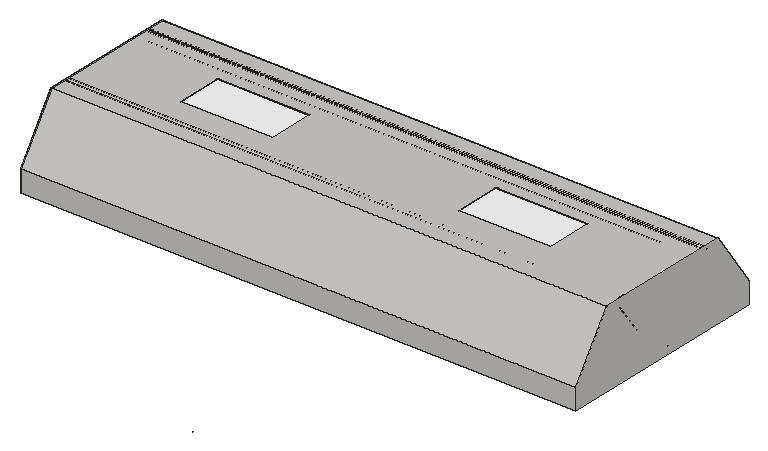
Revit family "QF_ELECTROLUXPROFESSIONAL_642351_BC1436DT", category Specialty Equipment, Revit 2014
Reference planes
  plane 1: z = 0
  plane 2 "Center (Left/Right)": x = 150
  plane 3 "LEFT": x = -1650
  plane 4 "RIGHT": x = 1950
  plane 5 "BACK": y = 550
  plane 6 "TOP": z = 2500
  plane 7 "Base": z = 2000
  plane 8: z = 1946
  plane 9: x = -1647
  plane 10 "DrainX": x = 1799
  plane 11 "AOLeft2": x = -450
  plane 12 "AORight1": x = 750
  plane 13: x = 1947
  plane 14: x = -1450
  plane 15: x = 1750
  plane 16: x = 50
  plane 17: x = 250
  plane 18 "AOLeft1": x = -1050
  plane 19 "AORight2": x = 1350
  plane 20: y = 0
  plane 21: y = -300
  plane 22 "Center (Front/Back)": y = -150
  plane 23: y = -850
  plane 24: through (0, -201.379, 2046.209) normal (0, 0.8019, 0.5974)
  plane 25: through (0, -98.621, 2046.209) normal (0, 0.8019, -0.5974)
  plane 26: z = 2140
Forms (mm)
  Extrusion 1, solid, material "QF_Finishes_Stainless Steel"
    sketch origin (-1650, 0, 360) x (0, 1, 0) y (0, 0, 1)
      loop
        line (550, 1640) -> (550, 1780) -> (299.446, 2140) -> (-599.446, 2140) -> (-850, 1780) -> (-850, 1640) -> (550, 1640)
    from 0 to 3
  Extrusion 2, solid, material "QF_Finishes_Stainless Steel"
    sketch origin (1950, 0, 360) x (0, 1, 0) y (0, 0, 1)
      loop
        line (550, 1640) -> (550, 1780) -> (299.446, 2140) -> (-599.446, 2140) -> (-850, 1780) -> (-850, 1640) -> (550, 1640)
    from 0 to -3
  Extrusion 3, solid, material "QF_Finishes_Stainless Steel"
    sketch origin (150, 0, 360) x (0, 1, 0) y (0, 0, 1)
      loop
        line (-599.446, 2140) -> (-850, 1780) -> (-850, 1640) -> (-840, 1640) -> (-840, 1640.8) -> (-849.2, 1640.8) -> (-849.2, 1779.739) -> (-599.025, 2139.19) -> (299.025, 2139.19) -> (549.2, 1779.739) -> (549.2, 1640.8) -> (540, 1640.8) -> (540, 1640) -> (550, 1640) -> (550, 1780) -> (299.446, 2140) -> (-599.446, 2140)
    from -1800 to 1800
  Extrusion 4, void
    sketch origin (0, 0, 2500) x (0, 1, 0) y (-1, 0, 0)
      loop
        line (0, 450) -> (0, 1050) -> (-300, 1050) -> (-300, 450) -> (0, 450)
    from 0 to -10
  Extrusion 5, solid, material "QF_Finishes_Stainless Steel"
    sketch origin (0, 0, 0) x (1, 0, 0) y (0, 1, 0)
      loop
        line (-1650, 550) -> (-1650, 549) -> (-1649, 549) -> (-1649, 550) -> (-1650, 550)
    from 0 to 1
  Extrusion 6, solid, material "QF_Finishes_Stainless Steel"
    sketch origin (150, -400, 360) x (0, 1, 0) y (0, 0, 1)
      loop
        line (-98.883, 2085.553) -> (198.621, 1686.209) -> (214.66, 1698.157) -> (-82.844, 2097.501) -> (-98.883, 2085.553)
      loop
        line (598.883, 2085.553) -> (582.844, 2097.501) -> (285.34, 1698.157) -> (301.379, 1686.209) -> (598.883, 2085.553)
    from -1600 to -1797
  Extrusion 7, solid, material "QF_Finishes_Stainless Steel"
    sketch origin (150, -400, 360) x (0, 1, 0) y (0, 0, 1)
      loop
        arc (316.056, 1704.554) -> (315.455, 1704.706) -> (314.923, 1704.389) r 0.81
        line (314.923, 1704.389) -> (300.465, 1684.991) -> (283.389, 1687.002) -> (286.391, 1712.615) -> (285.593, 1712.708) -> (282.594, 1687.095)
        arc (282.594, 1687.095) -> (282.763, 1686.499) -> (283.305, 1686.197) r 0.81
        line (283.305, 1686.197) -> (300.372, 1684.196)
        arc (300.372, 1684.196) -> (300.787, 1684.257) -> (301.116, 1684.517) r 0.81
        line (301.116, 1684.517) -> (315.564, 1703.911) -> (326.308, 1695.919) -> (300.145, 1660.79) -> (199.855, 1660.79) -> (173.692, 1695.919) -> (184.436, 1703.911) -> (198.884, 1684.517)
        arc (198.884, 1684.517) -> (199.213, 1684.257) -> (199.628, 1684.196) r 0.81
        line (199.628, 1684.196) -> (216.695, 1686.197)
        arc (216.695, 1686.197) -> (217.237, 1686.499) -> (217.406, 1687.095) r 0.81
        line (217.406, 1687.095) -> (214.407, 1712.708) -> (213.609, 1712.615) -> (216.611, 1687.002) -> (199.535, 1684.991) -> (185.077, 1704.389)
        arc (185.077, 1704.389) -> (184.545, 1704.706) -> (183.944, 1704.554) r 0.81
        line (183.944, 1704.554) -> (173.214, 1696.561)
        arc (173.214, 1696.561) -> (172.897, 1696.028) -> (173.049, 1695.427) r 0.81
        line (173.049, 1695.427) -> (199.157, 1660.381)
        arc (199.157, 1660.381) -> (199.5, 1660.093) -> (199.937, 1659.99) r 0.972
        line (199.937, 1659.99) -> (300.049, 1659.99)
        arc (300.049, 1659.99) -> (300.498, 1660.096) -> (300.851, 1660.393) r 1
        line (300.851, 1660.393) -> (326.951, 1695.427)
        arc (326.951, 1695.427) -> (327.103, 1696.028) -> (326.786, 1696.561) r 0.81
        line (326.786, 1696.561) -> (316.056, 1704.554)
      loop
        line (-92.735, 2139.19) -> (-92.735, 2129.205) -> (-117.587, 2110.686)
        arc (-117.587, 2110.686) -> (-117.904, 2110.153) -> (-117.752, 2109.552) r 0.81
        line (-117.752, 2109.552) -> (-84.894, 2065.446) -> (-95.625, 2057.438) -> (-95.147, 2056.796) -> (-84.418, 2064.79)
        arc (-84.418, 2064.79) -> (-84.1, 2065.322) -> (-84.252, 2065.923) r 0.81
        line (-84.252, 2065.923) -> (-117.117, 2110.038) -> (-91.935, 2128.798) -> (-91.935, 2138.4) -> (-62.776, 2138.4) -> (-62.776, 2070.563) -> (-61.976, 2069.49) -> (-61.976, 2139.19) -> (-92.735, 2139.19)
      loop
        line (592.735, 2139.19) -> (561.976, 2139.19) -> (561.976, 2069.49) -> (562.776, 2070.563) -> (562.776, 2138.4) -> (591.935, 2138.4) -> (591.935, 2128.798) -> (617.117, 2110.038) -> (584.252, 2065.923)
        arc (584.252, 2065.923) -> (584.1, 2065.322) -> (584.418, 2064.79) r 0.81
        line (584.418, 2064.79) -> (595.147, 2056.796) -> (595.625, 2057.438) -> (584.894, 2065.446) -> (617.752, 2109.552)
        arc (617.752, 2109.552) -> (617.904, 2110.153) -> (617.587, 2110.686) r 0.81
        line (617.587, 2110.686) -> (592.735, 2129.205) -> (592.735, 2139.19)
    from -1797 to 1797
  Extrusion 8, solid, material "QF_Finishes_Stainless Steel"
    sketch origin (150, -400, 360) x (0, 1, 0) y (0, 0, 1)
      loop
        line (-98.883, 2085.553) -> (198.621, 1686.209) -> (214.66, 1698.157) -> (-82.844, 2097.501) -> (-98.883, 2085.553)
      loop
        line (598.883, 2085.553) -> (582.844, 2097.501) -> (285.34, 1698.157) -> (301.379, 1686.209) -> (598.883, 2085.553)
    from 1797 to 1600
  Extrusion 9, solid, material "QF_Finishes_Stainless Steel"
    sketch origin (150, -400, 360) x (0, 1, 0) y (0, 0, 1)
      loop
        line (-98.883, 2085.553) -> (198.621, 1686.209) -> (214.66, 1698.157) -> (-82.844, 2097.501) -> (-98.883, 2085.553)
      loop
        line (598.883, 2085.553) -> (582.844, 2097.501) -> (285.34, 1698.157) -> (301.379, 1686.209) -> (598.883, 2085.553)
    from -100 to 100
  Extrusion 10, solid, material "QF_Finished_Chrome"
    sketch origin (150, -400, 360) x (0, 1, 0) y (0, 0, 1)
      loop
        line (-98.883, 2085.553) -> (198.621, 1686.209) -> (214.66, 1698.157) -> (-82.844, 2097.501) -> (-98.883, 2085.553)
      loop
        line (598.883, 2085.553) -> (582.844, 2097.501) -> (285.34, 1698.157) -> (301.379, 1686.209) -> (598.883, 2085.553)
    from -1600 to -100
  Extrusion 11, solid, material "QF_Finished_Chrome"
    sketch origin (150, -400, 360) x (0, 1, 0) y (0, 0, 1)
      loop
        line (-98.883, 2085.553) -> (198.621, 1686.209) -> (214.66, 1698.157) -> (-82.844, 2097.501) -> (-98.883, 2085.553)
      loop
        line (598.883, 2085.553) -> (582.844, 2097.501) -> (285.34, 1698.157) -> (301.379, 1686.209) -> (598.883, 2085.553)
    from 100 to 1600
  Sweep 12, solid, material "QF_Finishes_Stainless Steel"
    path origin (0, 0, 0) x (1, 0, 0) y (0, 1, 0)
      loop
        line (1950, 550) -> (-1650, 550) -> (-1650, -850) -> (1950, -850) -> (1950, 550)
    profile origin (1950, -150, 0) x (1, 0, 0) y (0, 0, 1)
      loop
        line (-3, 2000) -> (-3, 2000.8) -> (-19, 2000.8) -> (-19, 2010) -> (-20, 2010) -> (-20, 2000) -> (-3, 2000)
  Extrusion 13, void
    sketch origin (0, 0, 2500) x (0, 1, 0) y (-1, 0, 0)
      loop
        line (0, -1350) -> (0, -750) -> (-300, -750) -> (-300, -1350) -> (0, -1350)
    from 0 to -10
  Extrusion 14, solid, material "QF_Finishes_Stainless Steel"
    sketch origin (1799, 0, 0) x (0, 1, 0) y (0, 0, 1)
      loop
        arc (-118.5, 1946) -> (-111.429, 1948.929) -> (-108.5, 1956) r 10
        line (-108.5, 1956) -> (-108.5, 2000.8) -> (-191.5, 2000.8) -> (-191.5, 1956)
        arc (-191.5, 1956) -> (-188.571, 1948.929) -> (-181.5, 1946) r 10
        line (-181.5, 1946) -> (-118.5, 1946)
    from -90 to 90
  Extrusion 15, solid, material "QF_Finishes_Stainless Steel"
    sketch origin (0, -1100, 2000) x (0, 1, 0) y (-1, 0, 0)
      loop
        circle (950, -1799) r 6.35
    from -3.799 to 0
Cuts and joins
  Extrusion 4, Extrusion 13 cuts Extrusion 3
  joined: Extrusion 2, Extrusion 3, Sweep 12
Lines and regions (mm)
  symbolic lines, style "SpecialityEquipment", detail levels coarse
    curve 1: line (1950, 550, 2500) -> (-1650, 550, 2500)
    curve 2: line (-1650, 550, 2500) -> (-1650, -850, 2500)
    curve 3: line (1950, -850, 2500) -> (1950, 550, 2500)
    curve 4: line (-1650, 299.446, 0) -> (1950, -599.446, 0)
    curve 5: line (1950, 299.446, 0) -> (-1650.605, -599.446, 0)
  symbolic lines, detail levels coarse
    curve 6: line (-1050, -300, 0) -> (-450, -300, 0)
    curve 7: line (-1050, 0, 0) -> (-1050, -300, 0)
    curve 8: line (-450, 0, 0) -> (-1050, 0, 0)
    curve 9: line (-450, -300, 0) -> (-450, 0, 0)
    curve 10: line (750, 0, 0) -> (750, -300, 0)
    curve 11: line (1350, 0, 0) -> (750, 0, 0)
    curve 12: line (1350, -300, 0) -> (1350, 0, 0)
    curve 13: line (750, -300, 0) -> (1350, -300, 0)
    curve 14: line (-1650.605, -599.446, 0) -> (1950, -599.446, 0)
    curve 15: line (1950, 299.446, 0) -> (-1650, 299.446, 0)
    curve 16: line (-1650, -850, 0) -> (1950, -850, 0)
Dimensions and locks
  plane 3 "LEFT" to plane 4 "RIGHT" = 3600 mm
  equal spacing: plane 3 "LEFT", plane 2 "Center (Left/Right)", plane 4 "RIGHT"
  plane 3 "LEFT" to plane 9 = 3 mm
  plane 10 "DrainX" to plane 4 "RIGHT" = 151 mm
  plane 13 to plane 4 "RIGHT" = 3 mm
  plane 3 "LEFT" to plane 14 = 200 mm
  plane 15 to plane 4 "RIGHT" = 200 mm
  locked: plane 11 "AOLeft2" to plane 12 "AORight1" at 1200
  equal spacing: plane 11 "AOLeft2", plane 2 "Center (Left/Right)", plane 12 "AORight1"
  locked: plane 7 "Base" to level at 2000
  locked: plane 16 to plane 17 at 200
  equal spacing: plane 16, plane 2 "Center (Left/Right)", plane 17
  plane 18 "AOLeft1" to plane 11 "AOLeft2" = 600 mm
  plane 12 "AORight1" to plane 19 "AORight2" = 600 mm
  plane 7 "Base" to plane 8 = 54 mm
  locked: plane 6 "TOP" to plane 7 "Base" at 500
  plane 5 "BACK" to plane 23 = 1400 mm  (x2)
  equal spacing: plane 5 "BACK", plane 22 "Center (Front/Back)", plane 23
  plane 21 to plane 20 = 300 mm
  equal spacing: plane 21, plane 22 "Center (Front/Back)", plane 20
  plane 26 to plane 7 "Base" = 140 mm
  aligned and locked: level to plane 1
  aligned and locked: plane 4 "RIGHT" to Extrusion 3
  aligned and locked: Extrusion 3 to plane 3 "LEFT"
  aligned and locked: Extrusion 6 to plane 9
  aligned and locked: plane 14 to Extrusion 6
  aligned and locked: Extrusion 2 to plane 13
  aligned and locked: plane 13 to Extrusion 8
  aligned and locked: Extrusion 8 to plane 15
  aligned and locked: plane 17 to Extrusion 9
  aligned and locked: Extrusion 9 to plane 16
  aligned and locked: plane 16 to Extrusion 10
  aligned and locked: Extrusion 10 to plane 14
  aligned and locked: Extrusion 11 to plane 17
  aligned and locked: Extrusion 11 to plane 15
  aligned and locked: Extrusion 7 to plane 9
  aligned and locked: plane 13 to Extrusion 7
  aligned and locked: Extrusion 4 to plane 18 "AOLeft1"
  aligned and locked: Extrusion 4 to plane 11 "AOLeft2"
  aligned and locked: plane 12 "AORight1" to Extrusion 13
  aligned and locked: plane 19 "AORight2" to Extrusion 13
  aligned and locked: plane 21 to Extrusion 13
  aligned and locked: plane 21 to Extrusion 4
  aligned and locked: plane 20 to Extrusion 13
  aligned and locked: plane 20 to Extrusion 4
  aligned and locked: curve 6 to Extrusion 4
  aligned and locked: curve 7 to Extrusion 4
  aligned and locked: curve 8 to Extrusion 4
  aligned and locked: curve 9 to Extrusion 4
  aligned and locked: curve 10 to Extrusion 13
  aligned and locked: curve 11 to Extrusion 13
  aligned and locked: curve 12 to Extrusion 13
  aligned and locked: curve 13 to Extrusion 13
Automatic sketch dimensions
  Extrusion 4 sketch curve to plane 11 "AOLeft2" = 0 mm
  Extrusion 4 sketch curve to plane 18 "AOLeft1" = 0 mm
  Extrusion 5 sketch curve to plane 3 "LEFT" = 0 mm
  Extrusion 5 sketch curve to plane 5 "BACK" = 0 mm
  plane 3 "LEFT" to Extrusion 5 sketch curve = 1 mm
  Extrusion 5 sketch curve to Extrusion 5 sketch curve = 1 mm
  Sweep 12 sketch curve to plane 3 "LEFT" = 0 mm
  Sweep 12 sketch curve to plane 4 "RIGHT" = 0 mm
  Sweep 12 sketch curve to plane 5 "BACK" = 0 mm
  profile plane to Sweep 12 sketch curve = 20 mm
  Sweep 12 sketch curve to Sweep 12 sketch curve = 1 mm
  profile plane to Sweep 12 sketch curve = 3 mm
  level to Sweep 12 sketch curve = 2000 mm
  Sweep 12 sketch curve to Sweep 12 sketch curve = 0.8 mm
  Sweep 12 sketch curve to Sweep 12 sketch curve = 9.2 mm
  Extrusion 13 sketch curve to plane 11 "AOLeft2" = 1800 mm
  plane 18 "AOLeft1" to Extrusion 13 sketch curve = 1800 mm
  Extrusion 13 sketch curve to Extrusion 13 sketch curve = 300 mm
  Extrusion 13 sketch curve to plane 20 = 0 mm
  plane 21 to Sweep 12 sketch curve = 550 mm
  plane 21 to Extrusion 4 sketch curve = 0 mm
  Extrusion 4 sketch curve to plane 20 = 0 mm
  Extrusion 15 sketch curve to plane 10 "DrainX" = 0 mm
  Extrusion 15 sketch curve to plane 22 "Center (Front/Back)" = 0 mm
  Extrusion 14 sketch curve to plane 8 = 0 mm
  plane 8 to Extrusion 14 sketch curve = 10 mm
  Extrusion 14 sketch curve to plane 22 "Center (Front/Back)" = 41.5 mm
  plane 22 "Center (Front/Back)" to Extrusion 14 sketch curve = 31.5 mm
  plane 7 "Base" to Extrusion 14 sketch curve = 0.8 mm
  plane 22 "Center (Front/Back)" to Extrusion 14 sketch curve = 41.5 mm
  plane 21 to Extrusion 6 sketch curve = 198.883 mm
  Extrusion 6 sketch curve to plane 6 "TOP" = 42.499 mm  (x2)
  Extrusion 6 sketch curve to Extrusion 6 sketch curve = 16.039 mm  (x2)
  Extrusion 6 sketch curve to plane 22 "Center (Front/Back)" = 51.379 mm
  plane 22 "Center (Front/Back)" to Extrusion 6 sketch curve = 35.34 mm
  plane 20 to Extrusion 6 sketch curve = 182.844 mm
  Extrusion 6 sketch curve to Extrusion 6 sketch curve = 11.948 mm  (x2)
  Extrusion 7 sketch curve to plane 6 "TOP" = 30.448 mm  (x2)
  plane 21 to Extrusion 7 sketch curve = 217.752 mm
  Extrusion 7 sketch curve to plane 6 "TOP" = 29.314 mm  (x2)
  Extrusion 7 sketch curve to Extrusion 7 sketch curve = 0.166 mm  (x3)
  Extrusion 7 sketch curve to plane 6 "TOP" = 29.962 mm  (x2)
  Extrusion 7 sketch curve to Extrusion 7 sketch curve = 0.47 mm  (x2)
  Extrusion 7 sketch curve to Extrusion 7 sketch curve = 0.014 mm  (x2)
  Extrusion 7 sketch curve to plane 6 "TOP" = 82.562 mm  (x2)
  Extrusion 7 sketch curve to Extrusion 7 sketch curve = 22.127 mm
  Extrusion 7 sketch curve to plane 6 "TOP" = 83.204 mm  (x2)
  Extrusion 7 sketch curve to Extrusion 7 sketch curve = 0.478 mm  (x5)
  Extrusion 7 sketch curve to plane 6 "TOP" = 0.81 mm  (x2)
  Extrusion 7 sketch curve to Extrusion 7 sketch curve = 24.852 mm
  Extrusion 7 sketch curve to Extrusion 7 sketch curve = 0.8 mm  (x5)
  Extrusion 7 sketch curve to Extrusion 7 sketch curve = 10.724 mm
  Extrusion 7 sketch curve to plane 6 "TOP" = 74.554 mm  (x2)
  Extrusion 7 sketch curve to Extrusion 7 sketch curve = 0.008 mm  (x6)
  Extrusion 7 sketch curve to plane 6 "TOP" = 75.21 mm  (x2)
  Extrusion 7 sketch curve to plane 6 "TOP" = 74.077 mm  (x2)
  Extrusion 7 sketch curve to Extrusion 7 sketch curve = 0.642 mm  (x2)
  Extrusion 7 sketch curve to plane 6 "TOP" = 69.437 mm  (x2)
  Extrusion 7 sketch curve to Extrusion 7 sketch curve = 21.476 mm  (x2)
  Extrusion 7 sketch curve to plane 21 = 73.049 mm
  Extrusion 7 sketch curve to Extrusion 7 sketch curve = 0.006 mm  (x4)
  Extrusion 7 sketch curve to Extrusion 7 sketch curve = 10.73 mm  (x3)
  Extrusion 7 sketch curve to Extrusion 7 sketch curve = 0.484 mm  (x4)
  Extrusion 7 sketch curve to Extrusion 7 sketch curve = 0.641 mm  (x2)
  Extrusion 7 sketch curve to Extrusion 7 sketch curve = 14.448 mm
  plane 7 "Base" to Extrusion 7 sketch curve = 20.381 mm
  Extrusion 7 sketch curve to Extrusion 7 sketch curve = 0.273 mm
  Extrusion 7 sketch curve to Extrusion 7 sketch curve = 0.65 mm  (x2)
  Extrusion 7 sketch curve to Extrusion 7 sketch curve = 0.001 mm  (x4)
  Extrusion 7 sketch curve to Extrusion 7 sketch curve = 0.093 mm  (x2)
  plane 7 "Base" to Extrusion 7 sketch curve = 20.79 mm
  Extrusion 7 sketch curve to Extrusion 7 sketch curve = 0.698 mm
  Extrusion 7 sketch curve to Extrusion 7 sketch curve = 0.081 mm
  Extrusion 7 sketch curve to Extrusion 7 sketch curve = 28.531 mm
  Extrusion 7 sketch curve to Extrusion 7 sketch curve = 0.799 mm  (x2)
  Extrusion 7 sketch curve to Extrusion 7 sketch curve = 17.067 mm  (x2)
  Extrusion 7 sketch curve to Extrusion 7 sketch curve = 0.01 mm  (x4)
  Extrusion 7 sketch curve to Extrusion 7 sketch curve = 0.094 mm
  Extrusion 7 sketch curve to Extrusion 7 sketch curve = 0.795 mm  (x2)
  plane 22 "Center (Front/Back)" to Extrusion 7 sketch curve = 32.594 mm
  Extrusion 7 sketch curve to Extrusion 7 sketch curve = 0.71 mm
  Extrusion 7 sketch curve to Extrusion 7 sketch curve = 2.998 mm
  Extrusion 7 sketch curve to Extrusion 7 sketch curve = 16.745 mm
  Extrusion 7 sketch curve to Extrusion 7 sketch curve = 0.095 mm
  plane 7 "Base" to Extrusion 7 sketch curve = 20.393 mm
  Extrusion 7 sketch curve to Extrusion 7 sketch curve = 0.707 mm
  Extrusion 7 sketch curve to Extrusion 7 sketch curve = 0.651 mm
  Extrusion 7 sketch curve to Extrusion 7 sketch curve = 14.456 mm
  Extrusion 7 sketch curve to plane 6 "TOP" = 70.51 mm  (x2)
  plane 20 to Extrusion 7 sketch curve = 161.976 mm
  Extrusion 7 sketch curve to plane 6 "TOP" = 1.6 mm
  Extrusion 7 sketch curve to Extrusion 7 sketch curve = 29.159 mm
  Extrusion 7 sketch curve to Extrusion 7 sketch curve = 24.368 mm
  Extrusion 7 sketch curve to Extrusion 7 sketch curve = 0.636 mm
  Extrusion 7 sketch curve to Extrusion 7 sketch curve = 23.206 mm
  Extrusion 7 sketch curve to Extrusion 7 sketch curve = 23.234 mm
  Extrusion 7 sketch curve to Extrusion 7 sketch curve = 0.321 mm  (x2)
  Extrusion 7 sketch curve to Extrusion 7 sketch curve = 2.001 mm  (x2)
  Extrusion 7 sketch curve to Extrusion 7 sketch curve = 0.804 mm  (x2)
  Extrusion 7 sketch curve to Extrusion 7 sketch curve = 10.911 mm  (x2)
  Extrusion 7 sketch curve to Extrusion 7 sketch curve = 7.993 mm  (x2)
  Extrusion 7 sketch curve to Extrusion 7 sketch curve = 25.613 mm  (x2)
  Extrusion 7 sketch curve to Extrusion 7 sketch curve = 0.407 mm  (x2)
  Extrusion 7 sketch curve to Extrusion 7 sketch curve = 0.79 mm
  Extrusion 3 sketch curve to plane 7 "Base" = 0 mm  (x2)
  Extrusion 3 sketch curve to plane 23 = 0 mm
  Extrusion 3 sketch curve to plane 5 "BACK" = 0 mm
  plane 23 to Extrusion 3 sketch curve = 0.8 mm
  plane 7 "Base" to Extrusion 3 sketch curve = 0.8 mm  (x2)
  Extrusion 3 sketch curve to Extrusion 3 sketch curve = 9.2 mm
  plane 23 to Extrusion 3 sketch curve = 250.554 mm
  Extrusion 3 sketch curve to Extrusion 3 sketch curve = 0.421 mm  (x2)
  Extrusion 3 sketch curve to plane 6 "TOP" = 0.81 mm
  Extrusion 3 sketch curve to plane 5 "BACK" = 250.975 mm
  Extrusion 3 sketch curve to plane 5 "BACK" = 10 mm
  Extrusion 3 sketch curve to plane 5 "BACK" = 0.8 mm
  Extrusion 3 sketch curve to Extrusion 3 sketch curve = 138.939 mm  (x2)
  Extrusion 3 sketch curve to Extrusion 3 sketch curve = 0.261 mm  (x2)
  Extrusion 3 sketch curve to plane 6 "TOP" = 0 mm
  Extrusion 1 sketch curve to plane 7 "Base" = 0 mm
  Extrusion 1 sketch curve to plane 23 = 0 mm
  Extrusion 1 sketch curve to plane 6 "TOP" = 0 mm
  Extrusion 1 sketch curve to plane 5 "BACK" = 0 mm
  Extrusion 1 sketch curve to plane 5 "BACK" = 250.554 mm
  plane 7 "Base" to Extrusion 1 sketch curve = 140 mm
  Extrusion 1 sketch curve to Extrusion 1 sketch curve = 140 mm
  plane 23 to Extrusion 1 sketch curve = 250.554 mm
  plane 21 to Extrusion 10 sketch curve = 198.883 mm
  Extrusion 10 sketch curve to plane 6 "TOP" = 42.499 mm  (x2)
  Extrusion 10 sketch curve to Extrusion 10 sketch curve = 16.039 mm  (x2)
  Extrusion 10 sketch curve to plane 22 "Center (Front/Back)" = 51.379 mm
  plane 22 "Center (Front/Back)" to Extrusion 10 sketch curve = 35.34 mm
  plane 20 to Extrusion 10 sketch curve = 182.844 mm
  Extrusion 10 sketch curve to Extrusion 10 sketch curve = 11.948 mm  (x2)
  plane 21 to Extrusion 9 sketch curve = 198.883 mm
  Extrusion 9 sketch curve to plane 6 "TOP" = 42.499 mm  (x2)
  Extrusion 9 sketch curve to Extrusion 9 sketch curve = 16.039 mm  (x2)
  Extrusion 9 sketch curve to plane 22 "Center (Front/Back)" = 51.379 mm
  plane 22 "Center (Front/Back)" to Extrusion 9 sketch curve = 35.34 mm
  plane 20 to Extrusion 9 sketch curve = 182.844 mm
  Extrusion 9 sketch curve to Extrusion 9 sketch curve = 11.948 mm  (x2)
  plane 21 to Extrusion 11 sketch curve = 198.883 mm
  Extrusion 11 sketch curve to plane 6 "TOP" = 42.499 mm  (x2)
  Extrusion 11 sketch curve to Extrusion 11 sketch curve = 16.039 mm  (x2)
  Extrusion 11 sketch curve to plane 22 "Center (Front/Back)" = 51.379 mm
  plane 22 "Center (Front/Back)" to Extrusion 11 sketch curve = 35.34 mm
  plane 20 to Extrusion 11 sketch curve = 182.844 mm
  Extrusion 11 sketch curve to Extrusion 11 sketch curve = 11.948 mm  (x2)
  plane 21 to Extrusion 8 sketch curve = 198.883 mm
  Extrusion 8 sketch curve to plane 6 "TOP" = 42.499 mm  (x2)
  Extrusion 8 sketch curve to Extrusion 8 sketch curve = 16.039 mm  (x2)
  Extrusion 8 sketch curve to plane 22 "Center (Front/Back)" = 51.379 mm
  plane 22 "Center (Front/Back)" to Extrusion 8 sketch curve = 35.34 mm
  plane 20 to Extrusion 8 sketch curve = 182.844 mm
  Extrusion 8 sketch curve to Extrusion 8 sketch curve = 11.948 mm  (x2)
  Extrusion 2 sketch curve to plane 7 "Base" = 0 mm
  Extrusion 2 sketch curve to plane 23 = 0 mm
  Extrusion 2 sketch curve to plane 6 "TOP" = 0 mm
  Extrusion 2 sketch curve to plane 5 "BACK" = 0 mm
  Extrusion 2 sketch curve to plane 26 = 0 mm  (x2)
  Extrusion 2 sketch curve to plane 5 "BACK" = 250.554 mm
  plane 23 to Extrusion 2 sketch curve = 250.554 mm
  curve 2 to plane 3 "LEFT" = 0 mm
  curve 2 to plane 23 = 0 mm
  curve 3 to plane 4 "RIGHT" = 0 mm
  curve 3 to plane 23 = 0 mm
  curve 2 to plane 5 "BACK" = 0 mm
  curve 15 to plane 3 "LEFT" = 0 mm
  curve 16 to plane 3 "LEFT" = 0 mm
  curve 14 to plane 4 "RIGHT" = 0 mm
  curve 15 to plane 4 "RIGHT" = 0 mm
  curve 16 to plane 4 "RIGHT" = 0 mm
  curve 16 to plane 23 = 0 mm
  curve 14 to plane 3 "LEFT" = 0.605 mm
  plane 23 to curve 4 = 250.554 mm
  curve 15 to plane 5 "BACK" = 250.554 mm
  radius of Extrusion 15 sketch curve = 6.35 mm
Connectors
  hvac at (-750, -150, 2500)
    settings: on Extrusion 4, index 2, duct flow 0.0 L/s, flow factor 0, pres drop 0.0 Pa, loss coef 0, conn angle 0.00°, conn width 300 mm, conn height 600 mm, conn diameter 609.6 mm, duct sys type 3, conn prof type 1, flow config 1, flow direction 2, loss method 0, conn ref index -1, conn util no, is conn primary yes, conn desc "EXHAUST OUTLET"
  hvac at (1050, -150, 2500)
    settings: on Extrusion 13, index 3, duct flow 0.0 L/s, flow factor 0, pres drop 0.0 Pa, loss coef 0, conn angle 0.00°, conn width 300 mm, conn height 600 mm, conn diameter 609.6 mm, duct sys type 3, conn prof type 1, flow config 1, flow direction 2, loss method 0, conn ref index -1, conn util no, is conn primary no, conn desc "EXHAUST OUTLET"
  piping at (1799, -150, 1996.201), diameter 12.7
    settings: on Extrusion 15, index 4, connector inside diameter 609.6 mm, connector length 0 mm, flow factor 0, pipe flow 0.0 L/s, pressure drop 0.0 Pa, fitting loss kfactor 0, connector angle 0.00°, fixture units 0, engagement length 0 mm, angle of deflection 0.00°, flow configuration 1, flow direction 2, fitting loss method 0, system type 16, joint type 0, gender type 0, connector reference index -1, connector utility 0, adjustable connector no, is connector primary yes, connector description "Drain"
